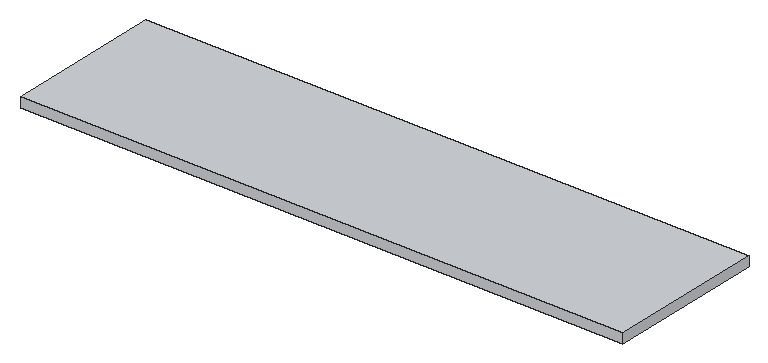
Revit family "AO_CW_CounterTop_Gen_FB", category Casework, Revit 2019
Family settings
  OmniClass Number = 23.40.35.17.47.11
  OmniClass Title = Kitchen Casework
  Work Plane-Based = No
  Always vertical = Yes
  Cut with Voids When Loaded = No
  Shared = Yes
  Room Calculation Point = No
Parameters (values of type "24" Depth")
  Backsplash Visibility = no
  Assembly Code = "C1030400"
  Counter Thickness = 0' - 1 1/2"
  Counter Top Material = none
  Depth = 2' - 1"
  Height = 3' - 0"
  Length [instance] = 8' - 0"
Reference planes (in)
  plane 1 "Back": y = 0
  plane 2: z = 0
  plane 3 "Left": x = -47.2623
  plane 4 "Right": x = 48.7377
  plane 5 "Front": y = -25
  plane 6 "Top": z = 36
  plane 7 "Top of Cabinet": z = 34.5
  plane 8: y = -0.75
  plane 9: z = 40
  plane 10: y = -26
  plane 11: z = 108
Forms (in)
  Extrusion 1, solid, material <- "Counter Top Material"
    sketch origin (0, 0, 0) x (1, 0, 0) y (0, 1, 0)
      loop
        line (-47.2623, 0) -> (-47.2623, -25) -> (48.7377, -25) -> (48.7377, 0) -> (-47.2623, 0)
    from 34.5 to 36
  Extrusion 2, solid, material <- "Counter Top Material", visible <- "Backsplash Visibility"
    sketch origin (0, 0, 0) x (1, 0, 0) y (0, 1, 0)
      loop
        line (48.7377, 0) -> (-47.2623, 0) -> (-47.2623, -0.75) -> (48.7377, -0.75) -> (48.7377, 0)
    from 36 to 40
Lines and regions (in)
  symbolic lines
    curve 1: line (-47.2623, 0, 0) -> (-47.2623, -25, 0)
    curve 2: line (-47.2623, -25, 0) -> (48.7377, -25, 0)
    curve 3: line (48.7377, -25, 0) -> (48.7377, 0, 0)
  symbolic lines, style "InvisibleLines"
    curve 4: line (-6.2623, -25, 108) -> (-6.2623, -25, 0)
Dimensions and locks (in)
  "Depth": plane 5 "Front" to plane 1 "Back"
  "Length": plane 3 "Left" to plane 4 "Right"
  "Height": level to plane 6 "Top"
  "Counter Thickness": plane 7 "Top of Cabinet" to plane 6 "Top"
  locked: plane 8 to plane 1 "Back" at 0.75
  plane 6 "Top" to plane 9 = 0' - 4"
  locked: plane 5 "Front" to plane 10 at 1
  aligned and locked: plane 1 "Back" to Extrusion 1 sketch curve
  aligned and locked: plane 4 "Right" to Extrusion 1 sketch curve
  aligned and locked: Extrusion 1 sketch curve to plane 5 "Front"
  aligned and locked: Extrusion 1 sketch curve to plane 3 "Left"
  aligned and locked: Extrusion 1 to plane 6 "Top"
  aligned and locked: plane 7 "Top of Cabinet" to Extrusion 1
  aligned and locked: Extrusion 2 sketch curve to plane 1 "Back"
  aligned and locked: Extrusion 2 sketch curve to plane 8
  aligned and locked: Extrusion 2 sketch curve to plane 4 "Right"
  aligned and locked: plane 3 "Left" to Extrusion 2 sketch curve
  aligned and locked: Extrusion 2 to plane 9
  aligned and locked: plane 6 "Top" to Extrusion 2
Automatic sketch dimensions
  curve 1 to plane 3 "Left" = 0' - 0"
  curve 2 to plane 4 "Right" = 0' - 0"
  plane 5 "Front" to curve 1 = 0' - 0"
  plane 1 "Back" to curve 1 = 0' - 0"
  plane 1 "Back" to curve 3 = 0' - 0"
  curve 4 to level = 0' - 0"
  curve 4 to plane 11 = 0' - 0"
  curve 4 to plane 3 "Left" = 3' - 5"
